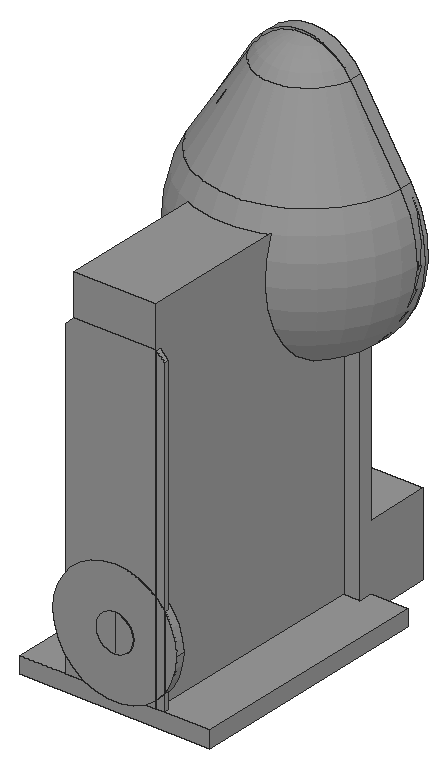
Revit family "Toilet-Willoughby-1490-BS-HET-ETF-FM-FA", category Plumbing Fixtures, host Face, Revit 2014
Parameters (values of type "Standard")
  Waste DIA = 2 1/4"
  Waste Connection = yes
  W-RAD [instance] = Waste DIA / 2  # 0' - 1 1/8"
  Vent Connection = no
  URL = "www.willoughby-ind.com"
  Type Comments = ""
  Revision = "A"
  Model = "ETF-1490-BS-HET-FM-FA"
  Manufacturer = "Willoughby Industries"
  HW Connection = no
  Flush inlet DIA = 1 1/2"
  Fixture Body = Stainless Steel AISI 304-Willoughby
  F-RAD [instance] = Flush inlet DIA / 2  # 0' - 0 3/4"
  Description = "Floor Mounted Toilet"
  Default Elevation = 0' - 0"
  Contact Number = "(800) 428-4065"
  CW Connection = yes
Reference planes (in)
  plane 1 "Base": y = -16.25
  plane 2: z = 0
  plane 3 "Center": x = 18.31072
  plane 4 "Waste height": y = -4.75
  plane 5: y = -1.25
  plane 6: z = -6.75
  plane 7: y = -2.125
  plane 8: y = -14.0625
  plane 9: y = 0.5
  plane 10: x = 16.56072
  plane 11: x = 20.06072
  plane 12: x = 11.56072
  plane 13: x = 25.06072
  plane 14: z = 23
  plane 15: z = 30.75
  plane 16: x = 15.81072
  plane 17: x = 20.81072
  plane 18: x = 15.81072
  plane 19: x = 20.81072
  plane 20: z = 4.25
  plane 21: x = 12.56072
  plane 22: x = 24.06072
  plane 23: y = 2.75
Forms (in)
  Extrusion 1, solid, material "Stainless Steel AISI 304-Willoughby" <- "Fixture Body"
    sketch origin (16.08109, 7.47968, -2.20225) x (-1, 0, 0) y (0, 0, -1)
      loop
        line (1.29775, -16.80087) -> (1.29775, -3.20225) -> (-5.72963, -3.20225) -> (-5.72963, -16.81676)
        arc (-5.72963, -16.81676) -> (-8.98136, -21.11843) -> (-8.21015, -26.45542) r 7
        line (-8.21015, -26.45542) -> (-5.16818, -31.31054)
        arc (-5.16818, -31.31054) -> (-2.20225, -32.95225) -> (0.76368, -31.31054) r 3.5
        line (0.76368, -31.31054) -> (3.80565, -26.45542)
        arc (3.80565, -26.45542) -> (4.5729, -21.10311) -> (1.29775, -16.80087) r 7
      loop
        arc (2.03989, -24.70557) -> (-2.20225, -18.23804) -> (-6.44438, -24.70557) r 4.625
        line (-6.44438, -24.70557) -> (-4.04125, -30.23842)
        arc (-4.04125, -30.23842) -> (-2.20225, -31.45225) -> (-0.36324, -30.23842) r 2
        line (-0.36324, -30.23842) -> (2.03989, -24.70557)
    from 8.72968 to 9.5
  Revolve 2, solid, material "Stainless Steel AISI 304-Willoughby" <- "Fixture Body"
    sketch origin (19.37246, -1.52032, 1.00169) x (-1, 0, 0) y (0, 0, -1)
      loop
        line (1.06174, -12.59906) -> (1.06174, -12.84906)
        arc (1.06174, -12.84906) -> (6.91177, -17.54136) -> (5.58904, -24.92315) r 7.34171
        line (5.58904, -24.92315) -> (3.81535, -27.91457)
        arc (3.81535, -27.91457) -> (2.63527, -29.03194) -> (1.06174, -29.43826) r 3.25
        line (1.06174, -29.43826) -> (1.06174, -29.68826)
        arc (1.06174, -29.68826) -> (2.75672, -29.25045) -> (4.02767, -28.04656) r 3.5
        line (4.02767, -28.04656) -> (7.06964, -23.19143)
        arc (7.06964, -23.19143) -> (7.15052, -16.14555) -> (1.06174, -12.59906) r 7
      axis (1.06174, -12.59906) -> (1.06174, -29.68826)
    angle from 0 to -180
  Extrusion 3, solid, material "Stainless Steel AISI 304-Willoughby" <- "Fixture Body"
    sketch origin (19.53334, -3.02032, -4.9508) x (0, 1, 0) y (0, 0, 1)
      loop
        line (-4.42257, 4.9508) -> (1.02643, 4.9508) -> (1.02643, 18.97156)
        arc (1.02643, 18.97156) -> (-2.31062, 20.32275) -> (-4.42257, 23.23845) r 6.52287
        line (-4.42257, 23.23845) -> (-4.42257, 4.9508)
    from 1.27686 to -3.72262
  Extrusion 4, solid, material "Stainless Steel AISI 304-Willoughby" <- "Fixture Body"
    sketch origin (18.31072, 0, -1) x (0, 1, 0) y (0, 0, 1)
      loop
        line (-1.25, 1) -> (2.75, 1) -> (2.75, 6) -> (-1.25, 6) -> (-1.25, 1)
    from -3.52738 to 3.5
  Extrusion 5, solid, material "Stainless Steel AISI 304-Willoughby" <- "Fixture Body"
    sketch origin (0, 0, 0) x (1, 0, 0) y (0, 1, 0)
      loop
        circle (18.31072, 0.5) r 0.75
    from 0 to 1
  Extrusion 6, solid, material "Stainless Steel AISI 304-Willoughby" <- "Fixture Body"
    sketch origin (0, -16.25, 0) x (1, 0, 0) y (0, 0, 1)
      loop
        line (24.06072, 0) -> (24.06072, 1) -> (12.56072, 1) -> (12.56072, 0) -> (24.06072, 0)
    from -15 to 0
  Extrusion 7, solid, material "Stainless Steel AISI 304-Willoughby" <- "Fixture Body"
    sketch origin (0, -16.25, 0) x (1, 0, 0) y (0, 0, 1)
      loop
        line (20.81072, 0) -> (20.81072, 23) -> (15.81072, 23) -> (15.81072, 0) -> (20.81072, 0)
    from 0 to -8.80711
  Revolve 8, solid, material "Stainless Steel AISI 304-Willoughby" <- "Fixture Body"
    sketch origin (18.31072, 0, 0) x (0, 1, 0) y (0, 0, 1)
      loop
        line (-16.2505, 4.25) -> (-14.75, 4.25) -> (-14.75, 5.375) -> (-16.2505, 5.375) -> (-16.2505, 4.25)
      axis (-14.75, 4.25) -> (-16.2505, 4.25)
    angle from 0 to 360
  Extrusion 9, solid, material "Stainless Steel AISI 304-Willoughby" <- "Fixture Body"
    sketch origin (0, -16.25, 0) x (1, 0, 0) y (0, 0, 1)
      loop
        circle (18.31072, 4.25) r 3.75
    from 0 to -0.5
  Extrusion 10, solid, material "Stainless Steel AISI 304-Willoughby" <- "Fixture Body"
    sketch origin (0, -16.25, 0) x (1, 0, 0) y (0, 0, 1)
      loop
        line (20.81072, 1) -> (21.31072, 1) -> (21.31072, 20) -> (20.81072, 20.5) -> (15.81072, 20.5) -> (15.31072, 20) -> (15.31072, 1) -> (15.81072, 1) -> (20.81072, 1)
    from 0 to -0.25
Cuts and joins
  joined: Extrusion 1, Extrusion 3, Extrusion 4, Extrusion 6, Extrusion 7
Lines and regions (in)
  symbolic lines
    curve 1: line (11.28334, -2.02032, 0) -> (11.28334, -1.25, 0)
    curve 2: line (11.28334, -1.25, 0) -> (25.28334, -1.25, 0)
    curve 3: line (25.28334, -1.25, 0) -> (25.28334, -2.02032, 0)
    curve 4: arc (25.28334, -2.02032, 0) -> (23.08023, -6.64742, 0) -> (18.31072, -8.52239, 0) r 6.97935
    curve 5: arc (18.31072, -8.52239, 0) -> (13.52631, -6.64474, 0) -> (11.28334, -2.02032, 0) r 7.05911
    curve 6: line (14.78334, -1.25, 0) -> (14.78334, 2.75, 0)
    curve 7: line (14.78334, 2.75, 0) -> (21.81072, 2.75, 0)
    curve 8: line (21.81072, 2.75, 0) -> (21.81072, -1.25, 0)
    curve 9: line (24.06072, -5.51283, 0) -> (24.06072, -16.25, 0)
    curve 10: line (24.06072, -16.25, 0) -> (12.56072, -16.25, 0)
    curve 11: line (12.56072, -16.25, 0) -> (12.56072, -5.54455, 0)
    curve 12: line (15.81072, -8.0612, 0) -> (15.81072, -16.25, 0)
    curve 13: line (20.81072, -8.06296, 0) -> (20.81072, -16.25, 0)
    curve 14: line (20.81072, -15.75, 0) -> (22.06072, -15.75, 0)
    curve 15: line (22.06072, -15.75, 0) -> (22.06072, -16.25, 0)
    curve 16: line (15.81072, -15.75, 0) -> (14.56072, -15.75, 0)
    curve 17: line (14.56072, -15.75, 0) -> (14.56072, -16.25, 0)
    curve 18: line (12.56072, -16.25, 0) -> (24.06072, -16.25, 0)
    curve 19: line (24.06072, -16.25, 0) -> (24.06072, -16.25, 1)
    curve 20: line (24.06072, -16.25, 1) -> (21.81072, -16.25, 1)
    curve 21: line (21.81072, -16.25, 1) -> (21.81072, -16.25, 14.61451)
    curve 22: arc (21.81072, -16.25, 14.61451) -> (25.08081, -16.25, 18.91146) -> (24.29124, -16.25, 24.25317) r 6.95555
    curve 23: line (24.29124, -16.25, 24.25317) -> (21.24927, -16.25, 29.1083)
    curve 24: arc (21.24927, -16.25, 29.1083) -> (18.28334, -16.25, 30.75) -> (15.31741, -16.25, 29.1083) r 3.5
    curve 25: line (15.31741, -16.25, 29.1083) -> (12.34391, -16.25, 24.26096)
    curve 26: arc (12.34391, -16.25, 24.26096) -> (11.52805, -16.25, 18.91587) -> (14.78334, -16.25, 14.59862) r 6.9627
    curve 27: line (14.78334, -16.25, 14.59862) -> (14.78334, -16.25, 1)
    curve 28: line (14.78334, -16.25, 1) -> (12.56072, -16.25, 1)
    curve 29: line (12.56072, -16.25, 1) -> (12.56072, -16.25, 0)
    curve 37: line (18.31072, -16.25, 0) -> (18.31072, 2.75, 0)
    curve 38: line (18.31072, 2.75, 0) -> (18.31072, 2.75, 5)
    curve 39: line (18.31072, 2.75, 5) -> (18.31072, -1.25, 5)
    curve 40: line (18.31072, -1.25, 5) -> (18.31072, -1.25, 30.75)
    curve 41: line (18.31072, -1.25, 30.75) -> (18.31072, -2.02032, 30.75)
    curve 42: arc (18.31072, -2.02032, 30.75) -> (18.31072, -3.4903, 30.1181) -> (18.31072, -4.54553, 28.91533) r 3.62821
    curve 43: line (18.31072, -4.54553, 28.91533) -> (18.31072, -7.52822, 24.19312)
    curve 44: arc (18.31072, -7.52822, 24.19312) -> (18.31072, -7.8519, 23.61251) -> (18.31072, -8.11014, 23) r 6.06988
    curve 45: line (18.31072, -7.58737, 23) -> (18.31072, -16.25, 23)
    curve 46: line (18.31072, -16.25, 23) -> (18.31072, -16.25, 0)
    curve 47: line (18.31072, -16.25, 1) -> (18.31072, -2.02032, 1)
    curve 48: line (18.31072, -2.02032, 1) -> (18.31072, -2.02032, 14.59862)
    curve 49: line (18.31072, -2.02032, 14.59862) -> (18.31072, -1.25, 14.59862)
    curve 50: arc (18.31072, -2.02032, 14.0236) -> (18.31072, -5.85436, 15.74338) -> (18.31072, -7.96548, 19.37664) r 6.85765
    curve 51: arc (18.31072, -7.96548, 19.37664) -> (18.31072, -8.06783, 21.21873) -> (18.31072, -7.58737, 23) r 5.80874
  symbolic lines, detail levels medium+fine
    curve 30: line (21.81072, -16.25, 5) -> (14.78334, -16.25, 5)
  symbolic lines, detail levels fine
    curve 31: arc (14.78334, -16.25, 5.52282) -> (14.56072, -16.25, 4.25) -> (14.78334, -16.25, 2.97718) r 3.75
    curve 32: arc (21.81072, -16.25, 2.90371) -> (22.06072, -16.25, 4.25) -> (21.81072, -16.25, 5.59629) r 3.75
    curve 33: arc (22.52547, -16.25, 22.50332) -> (18.28334, -16.25, 16.0358) -> (14.0412, -16.25, 22.50332) r 4.625
    curve 34: line (14.0412, -16.25, 22.50332) -> (16.44433, -16.25, 28.03617)
    curve 35: arc (16.44433, -16.25, 28.03617) -> (18.28334, -16.25, 29.2424) -> (20.12234, -16.25, 28.03617) r 2.00498
    curve 36: line (20.12234, -16.25, 28.03617) -> (22.52547, -16.25, 22.50332)
Dimensions and locks (in)
  plane 1 "Base" to plane 4 "Waste height" = 0' - 11 1/2"
  plane 1 "Base" to plane 5 = 1' - 3"
  locked: plane 1 "Base" to plane 9 at 16.75
  level to plane 15 = 2' - 6 3/4"
  plane 21 to plane 22 = 0' - 11 1/2"  (x2)
  plane 13 to plane 22 = 0' - 1"
  plane 18 to plane 19 = 0' - 5"
  "F-RAD": radius of Extrusion 5 sketch curve
  aligned and locked: plane 2 to host face
  aligned and locked: level to host face
  aligned and locked: plane 9 to Extrusion 5 sketch curve
  aligned and locked: plane 3 "Center" to Extrusion 5 sketch curve
  aligned and locked: Revolve 8 sketch curve to Revolve 8 sketch curve  (x2)
  aligned and locked: Extrusion 5 to level
Automatic sketch dimensions
  host sketch curve to host sketch curve = 4' - 6.8949"
  host sketch curve to host sketch curve = 3' - 5.11225"
  Extrusion 1 sketch curve to Extrusion 1 sketch curve = 0' - 0"  (x8)
  level to Extrusion 1 sketch curve = 0' - 1"
  plane 3 "Center" to Extrusion 1 sketch curve = 0' - 5.98052"
  Extrusion 1 sketch curve to Extrusion 1 sketch curve = 0' - 1.76576"  (x2)
  plane 3 "Center" to Extrusion 1 sketch curve = 0' - 3 1/2"
  plane 3 "Center" to Extrusion 1 sketch curve = 0' - 2.93855"
  Extrusion 1 sketch curve to Extrusion 1 sketch curve = 0' - 1.12693"  (x2)
  Extrusion 1 sketch curve to plane 3 "Center" = 0' - 0.02738"  (x2)
  Extrusion 1 sketch curve to plane 3 "Center" = 0' - 1.86639"
  Extrusion 1 sketch curve to plane 3 "Center" = 0' - 3.52738"
  Extrusion 1 sketch curve to plane 3 "Center" = 0' - 4 69/256"
  Extrusion 1 sketch curve to Extrusion 1 sketch curve = 1' - 1.59862"
  Extrusion 1 sketch curve to Extrusion 1 sketch curve = 0' - 0.01589"
  Extrusion 1 sketch curve to Extrusion 1 sketch curve = 0' - 6.06218"
  Extrusion 1 sketch curve to Extrusion 1 sketch curve = 0' - 1.74985"
  Extrusion 1 sketch curve to Extrusion 1 sketch curve = 0' - 4.74668"
  Extrusion 1 sketch curve to Extrusion 1 sketch curve = 0' - 0.78617"
  Extrusion 1 sketch curve to Extrusion 1 sketch curve = 0' - 1.07212"
  Extrusion 4 sketch curve to level = 0' - 0"
  Extrusion 4 sketch curve to plane 5 = 0' - 0"
  Extrusion 4 sketch curve to plane 9 = 0' - 2 1/4"
  level to Extrusion 4 sketch curve = 0' - 5"
  Extrusion 6 sketch curve to level = 0' - 0"
  level to Extrusion 6 sketch curve = 0' - 1"
  plane 12 to Extrusion 6 sketch curve = 0' - 1"
  Extrusion 6 sketch curve to plane 13 = 0' - 1"
  Extrusion 7 sketch curve to level = 0' - 0"
  Extrusion 7 sketch curve to plane 10 = 0' - 0 3/4"
  plane 11 to Extrusion 7 sketch curve = 0' - 0 3/4"
  Extrusion 7 sketch curve to plane 14 = 0' - 0"
  Extrusion 3 sketch curve to level = 0' - 0"
  plane 4 "Waste height" to Extrusion 3 sketch curve = 0' - 2.69289"
  plane 7 to Extrusion 3 sketch curve = 0' - 0.13111"
  plane 5 to Extrusion 3 sketch curve = 0' - 0.05941"
  Extrusion 3 sketch curve to plane 14 = 0' - 2.49238"
  Extrusion 3 sketch curve to Extrusion 3 sketch curve = 0' - 6.48686"
  Revolve 8 sketch curve to plane 20 = 0' - 0"
  plane 1 "Base" to Revolve 8 sketch curve = 0' - 0.0005"
  plane 8 to Revolve 8 sketch curve = 0' - 0 11/16"
  plane 20 to Revolve 8 sketch curve = 0' - 1 1/8"
  Revolve 8 sketch curve to Revolve 8 sketch curve = 0' - 1.4995"
  Revolve 2 sketch curve to plane 3 "Center" = 0' - 0"  (x3)
  plane 3 "Center" to Revolve 2 sketch curve = 0' - 0"
  Revolve 2 sketch curve to plane 11 = 0' - 0.72567"
  plane 18 to Revolve 2 sketch curve = 0' - 0.25361"
  Revolve 2 sketch curve to Revolve 2 sketch curve = 0' - 0.21232"
  plane 12 to Revolve 2 sketch curve = 0' - 0.7421"
  Revolve 2 sketch curve to plane 15 = 0' - 0.06005"
  Revolve 2 sketch curve to Revolve 2 sketch curve = 0' - 0 1/4"  (x2)
  Revolve 2 sketch curve to plane 15 = 0' - 1.70176"
  Revolve 2 sketch curve to Revolve 2 sketch curve = 0' - 0.13199"
  plane 14 to Revolve 2 sketch curve = 0' - 1.19312"
  Revolve 2 sketch curve to plane 14 = 0' - 1.87935"
  Revolve 2 sketch curve to Revolve 2 sketch curve = 0' - 0.51991"
  plane 18 to Revolve 2 sketch curve = 0' - 2.0273"
  plane 14 to Revolve 2 sketch curve = 0' - 0.93995"
  Revolve 2 sketch curve to Revolve 2 sketch curve = 0' - 2.4108"
  Extrusion 9 sketch curve to plane 3 "Center" = 0' - 0"
  Extrusion 9 sketch curve to plane 20 = 0' - 0"
  plane 18 to Extrusion 10 sketch curve = 0' - 0"  (x2)
  plane 19 to Extrusion 10 sketch curve = 0' - 0"  (x2)
  Extrusion 10 sketch curve to Extrusion 10 sketch curve = 0' - 0 1/2"  (x3)
  Extrusion 10 sketch curve to plane 19 = 0' - 0 1/2"
  level to Extrusion 10 sketch curve = 0' - 1"
  Extrusion 10 sketch curve to plane 14 = 0' - 3"
  plane 5 to curve 1 = 0' - 0"
  curve 10 to plane 21 = 0' - 0"
  plane 1 "Base" to curve 17 = 0' - 0"
  curve 6 to plane 23 = 0' - 0"
  curve 12 to plane 18 = 0' - 0"
  curve 5 to plane 3 "Center" = 0' - 0"
  curve 4 to plane 3 "Center" = 0' - 0"
  curve 13 to plane 19 = 0' - 0"
  curve 9 to plane 22 = 0' - 0"
  curve 2 to plane 12 = 0' - 0.27738"
  plane 18 to curve 6 = 0' - 1.02738"
  plane 3 "Center" to curve 4 = 0' - 0.0096"
  plane 3 "Center" to curve 5 = 0' - 0.00971"
  curve 8 to plane 19 = 0' - 1"
  curve 15 to plane 1 "Base" = 0' - 0 1/2"
  curve 14 to curve 15 = 0' - 1 1/4"
  curve 8 to curve 3 = 0' - 3.47262"
  plane 7 to curve 3 = 0' - 0.10468"
  plane 7 to curve 1 = 0' - 0.10468"
  plane 18 to curve 17 = 0' - 1 1/4"
  curve 17 to curve 17 = 0' - 0 1/2"
  curve 31 to curve 32 = 0' - 0"  (x2)
  plane 21 to curve 28 = 0' - 0"
  curve 31 to plane 3 "Center" = 0' - 0"
  curve 19 to level = 0' - 0"
  plane 22 to curve 19 = 0' - 0"
  curve 32 to plane 20 = 0' - 0"
  plane 21 to curve 25 = 0' - 0.21681"
  curve 34 to plane 14 = 0' - 0.49668"
  curve 34 to plane 21 = 0' - 1 123/256"
  plane 18 to curve 27 = 0' - 1.02738"
  plane 18 to curve 25 = 0' - 0.49331"
  curve 34 to plane 10 = 0' - 0.11639"
  curve 26 to plane 3 "Center" = 0' - 0.0318"
  curve 33 to plane 3 "Center" = 0' - 0.02738"
  curve 35 to plane 3 "Center" = 0' - 0.02738"
  curve 24 to curve 35 = 0' - 0"
  plane 3 "Center" to curve 22 = 0' - 0.03402"
  curve 23 to plane 19 = 0' - 0.43855"
  curve 21 to plane 19 = 0' - 1"
  curve 23 to plane 22 = 0' - 0.23052"
  level to curve 20 = 0' - 1"
  level to curve 29 = 0' - 1"
  curve 27 to curve 34 = 0' - 7.9047"
  curve 26 to curve 21 = 0' - 0.01589"
  curve 26 to plane 14 = 0' - 2.37975"
  curve 26 to curve 22 = 0' - 0.02474"
  curve 26 to curve 33 = 0' - 0.04055"
  curve 35 to plane 15 = 0' - 3.51258"
  curve 35 to curve 24 = 0' - 0.01258"
  curve 24 to curve 34 = 0' - 0.78617"
  curve 34 to curve 25 = 0' - 1.07212"
  plane 11 to curve 36 = 0' - 0.06162"
  curve 36 to plane 14 = 0' - 0.49668"
  curve 32 to plane 20 = 0' - 1.34629"
  curve 31 to plane 20 = 0' - 1.27282"
  curve 30 to curve 32 = 0' - 0.59629"
  curve 47 to plane 1 "Base" = 0' - 0"
  curve 44 to plane 14 = 0' - 0"
  curve 41 to plane 15 = 0' - 0"
  curve 39 to plane 5 = 0' - 0"
  curve 38 to level = 0' - 0"
  curve 38 to plane 23 = 0' - 0"
  plane 14 to curve 43 = 0' - 1.19312"
  plane 4 "Waste height" to curve 43 = 0' - 2.77822"
  curve 43 to plane 4 "Waste height" = 0' - 0.20447"
  curve 44 to plane 7 = 0' - 0.27133"
  curve 51 to plane 7 = 0' - 0.16546"
  plane 7 to curve 49 = 0' - 0.10468"
  plane 7 to curve 41 = 0' - 0.10468"
  plane 5 to curve 42 = 0' - 0.10769"
  plane 5 to curve 50 = 0' - 0.01569"
  level to curve 48 = 0' - 1"
  plane 20 to curve 40 = 0' - 0 3/4"
  curve 51 to plane 14 = 0' - 2.38416"
  curve 51 to curve 50 = 0' - 0.22377"
  curve 51 to curve 44 = 0' - 0.33582"
  curve 42 to curve 40 = 0' - 3.56718"
  curve 51 to curve 50 = 0' - 0"
  curve 44 to curve 51 = 0' - 0.52278"
  curve 50 to curve 48 = 0' - 0.57502"
  radius of Extrusion 9 sketch curve = 0' - 3 3/4"
Connectors (in)
  piping at (18.31072, 0.5, 1), diameter 1.5, driven by "F-RAD", driven by "CW Connection"
    settings: on Extrusion 5, index 2, connector inside diameter 1 1/2", connector length 0' - 0", flow factor 0, pipe flow 0 GPM, pressure drop 0.00 psi, fitting loss kfactor 0, connector angle 0.00°, fixture units 0, engagement length 0' - 0", angle of deflection 0.00°, flow configuration 0, flow direction 1, fitting loss method 0, system type 20, joint type 0, gender type 0, connector reference index -1, connector utility 1, adjustable connector no, is connector primary yes, connector description "Flush Inlet"
  piping at (18.31072, -16.2505, 4.25), diameter 2.25, driven by "W-RAD", driven by "Waste Connection"
    settings: on Revolve 8, index 4, connector inside diameter 24", connector length 0' - 0", flow factor 0, pipe flow 0 GPM, pressure drop 0.00 psi, fitting loss kfactor 0, connector angle 0.00°, fixture units 0, engagement length 0' - 0", angle of deflection 0.00°, flow configuration 0, flow direction 2, fitting loss method 0, system type 16, joint type 0, gender type 0, connector reference index -1, connector utility 1, adjustable connector no, is connector primary no, connector description "Toilet Waste"
